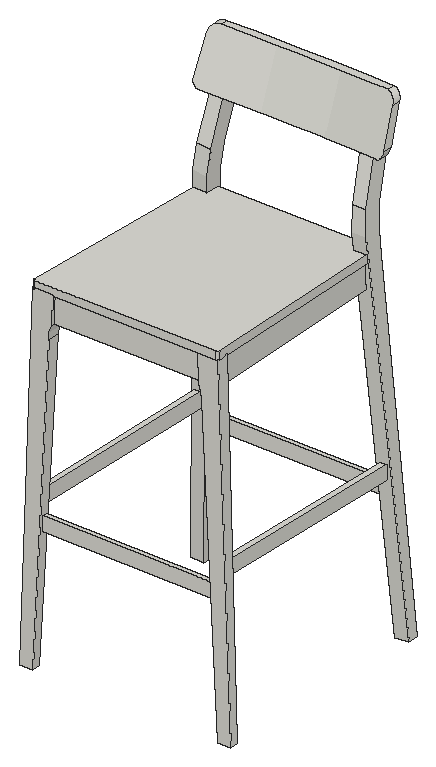
Revit family "FU_Stool_Sandler_Inga 3-2", category Furniture, Revit 2020
Family settings
  OmniClass Number = 23.40.20.00
  OmniClass Title = General Furniture and Specialties
  Work Plane-Based = No
  Always vertical = Yes
  Cut with Voids When Loaded = No
  Shared = No
  Room Calculation Point = No
Parameters (values of type "Inga 3.2")
  Width = 470 mm
  URL = "https://www.sandlerseating.com/product/inga-3-2/"
  Model = "Inga 3.2"
  Manufacturer = "Sandler"
  Height = 1065 mm
  Frame [instance] = Wood - Lacquer - Gray White RAL 9002
  Description = "Barstool with wooden seat and back on a solid beech frame."
  Depth = 515 mm
  Default Elevation = 0 mm
Reference planes
  plane 1 "Center (Front/Back)": y = 0
  plane 2: z = 0
  plane 3 "Center (Left/Right)": x = 0
  plane 4 "Right": x = -235
  plane 5 "Left": x = 235
  plane 6 "Back": y = 257.5
  plane 7 "Front": y = -257.5
  plane 8 "Height": z = 1065
  plane 9 "Seat height": z = 770
  plane 10 "BRL C Front": through (-223.656, -1524, 6.942) normal (-0.998, 0, 0.0629)
  plane 11 "Cross Stretch RIGHT": z = 319.276
Forms (mm)
  Extrusion 1, solid, material "Wood - Lacquer - Gray White RAL 9002" <- "Frame"
    sketch origin (-223.207, 0, 14.064) x (-0.062885, 0, -0.998021) y (0, -1, 0)
      loop
        line (14.088, -221.904) -> (-739.706, -170.353)
        arc (-739.706, -170.353) -> (-791.323, -166.38) -> (-842.719, -172.583) r 263.292
        arc (-842.719, -172.583) -> (-888.062, -184.609) -> (-932.278, -200.282) r 576.651
        line (-932.278, -200.282) -> (-1010.447, -234.651)
        arc (-1010.447, -234.651) -> (-1016.215, -251.155) -> (-999.349, -255.758) r 11.952
        arc (-999.349, -255.758) -> (-922.172, -228.309) -> (-842.736, -208.318) r 861.108
        arc (-842.736, -208.318) -> (-792.241, -202.51) -> (-741.487, -205.274) r 301.278
        line (-741.487, -205.274) -> (14.088, -243.812) -> (14.088, -221.904)
    from -14 to 16
  Extrusion 2, solid, material "Wood - Lacquer - Gray White RAL 9002" <- "Frame"
    sketch origin (0, -257.5, 0) x (-1, 0, 0) y (0, 0, 1)
      loop
        line (203.243, 755.337) -> (160.475, 755.337) -> (162.275, 692.965)
        arc (162.275, 692.965) -> (167.122, 678.906) -> (169.282, 664.193) r 79.948
        line (169.282, 664.193) -> (204.244, 0) -> (231.625, 0) -> (203.243, 755.337)
    from 0 to 26
  Extrusion 3, void
    sketch origin (0, 0, 0) x (0, 1, 0) y (0, 0, 1)
      loop
        line (-240.28, -7.462) -> (-228.255, -7.462) -> (-228.255, 770) -> (-231.331, 770) -> (-240.28, -7.462)
    from -235 to 235
  Extrusion 4, solid, material "Wood - Lacquer - Gray White RAL 9002" <- "Frame"
    sketch origin (0, -257.5, 0) x (1, 0, 0) y (0, 0, -1)
      loop
        line (203.243, -755.337) -> (231.625, 0) -> (204.244, 0) -> (169.282, -664.193)
        arc (169.282, -664.193) -> (167.122, -678.906) -> (162.275, -692.965) r 79.948
        line (162.275, -692.965) -> (160.475, -755.337) -> (203.243, -755.337)
    from 0 to 26
  Extrusion 5, solid, material "Wood - Lacquer - Gray White RAL 9002" <- "Frame"
    sketch origin (0, 0, 0) x (0, 1, 0) y (0, 0, 1)
      loop
        line (-251.611, 753.215) -> (-251.611, 695.417) -> (-237.611, 695.417) -> (-237.611, 753.215) -> (-251.611, 753.215)
      loop
        line (182.525, 753.215) -> (182.525, 695.417) -> (197.878, 695.417) -> (197.878, 753.215) -> (182.525, 753.215)
    from -172 to 172
  Extrusion 6, solid, material "Wood - Lacquer - Gray White RAL 9002" <- "Frame"
    sketch origin (0, 0, 770) x (-1, 0, 0) y (0, -1, 0)
      loop
        line (199.089, 233.696) -> (182.392, 233.696) -> (167.912, -178.326) -> (183.325, -178.326) -> (199.089, 233.696)
      loop
        line (-199.089, 233.696) -> (-183.325, -178.326) -> (-167.912, -178.326) -> (-182.392, 233.696) -> (-199.089, 233.696)
    from -73.647 to -16.784
  Sweep 7, solid, material "Wood - Lacquer - Gray White RAL 9002" <- "Frame"
    path origin (0, 15, 0) x (0, 1, 0) y (0, 0, 1)
      loop
        line (201.523, 926.004) -> (255.109, 1066.106)
    profile "Pro_Inga_Back : Pro_Inga_Back" origin (0, 243.316, 996.055) x (0, -0.934012, 0.357242) y (1, 0, 0)
      loop
        arc (30.116, 241.175) -> (0, -0.038) -> (30.717, -241.175) r 971.366
        line (30.717, -241.175) -> (45.91, -241.175)
        arc (45.91, -241.175) -> (14.46, 0.005) -> (45.984, 241.175) r 939.367
        line (45.984, 241.175) -> (30.116, 241.175)
  Extrusion 8, void
    sketch origin (0, 257.5, 0) x (-1, 0, 0) y (0, 0, 1)
      loop
        line (210.101, 969.86) -> (205.284, 1046.309)
        arc (205.284, 1046.309) -> (198.261, 1060.303) -> (183.308, 1064.949) r 20
        arc (183.308, 1064.949) -> (0, 1055.69) -> (-183.308, 1064.949) r 1819.098
        arc (-183.308, 1064.949) -> (-198.261, 1060.303) -> (-205.284, 1046.309) r 20
        line (-205.284, 1046.309) -> (-210.101, 969.86)
        arc (-210.101, 969.86) -> (-205.852, 957.072) -> (-193.916, 950.817) r 18
        arc (-193.916, 950.817) -> (0, 941.208) -> (193.916, 950.817) r 1961.668
        arc (193.916, 950.817) -> (205.852, 957.072) -> (210.101, 969.86) r 18
      loop
        line (252.572, 1093.889) -> (-257.428, 1093.889) -> (-257.428, 918.889) -> (252.572, 918.889) -> (252.572, 1093.889)
    from -91.038 to 16.635
  Extrusion 9, solid, material "Wood - Lacquer - Gray White RAL 9002" <- "Frame"
    sketch origin (223.207, 0, 14.064) x (0.062885, 0, -0.998021) y (0, 1, 0)
      loop
        line (14.088, 221.904) -> (14.088, 243.812) -> (-741.487, 205.274)
        arc (-741.487, 205.274) -> (-792.241, 202.51) -> (-842.736, 208.318) r 301.278
        arc (-842.736, 208.318) -> (-922.172, 228.309) -> (-999.349, 255.758) r 861.108
        arc (-999.349, 255.758) -> (-1016.215, 251.155) -> (-1010.447, 234.651) r 11.952
        line (-1010.447, 234.651) -> (-932.278, 200.282)
        arc (-932.278, 200.282) -> (-888.062, 184.609) -> (-842.719, 172.583) r 576.651
        arc (-842.719, 172.583) -> (-791.323, 166.38) -> (-739.706, 170.353) r 263.292
        line (-739.706, 170.353) -> (14.088, 221.904)
    from -14 to 16
  Extrusion 10, solid, material "Wood - Lacquer - Gray White RAL 9002" <- "Frame"
    sketch origin (0, 0, 0) x (0, 1, 0) y (0, 0, 1)
      loop
        line (-251.379, 308.04) -> (-251.379, 276.439) -> (-241.751, 276.439) -> (-241.751, 308.04) -> (-251.379, 308.04)
      loop
        line (212.749, 308.04) -> (212.749, 276.439) -> (223.249, 276.439) -> (223.249, 308.04) -> (212.749, 308.04)
    from -205.963 to 206
  Sweep 11, solid, material "Wood - Lacquer - Gray White RAL 9002" <- "Frame"
    path origin (0, 0, 319.276) x (0, -1, 0) y (1, 0, 0)
      loop
        line (241.267, -201.776) -> (-208.724, -204.634)
    profile origin (-203.205, -16.272, 319.276) x (-0.99998, -0.006352, 0) y (0, 0, 1)
      loop
        line (6, 0) -> (6, 32.028) -> (-6, 32.028) -> (-6, 0) -> (6, 0)
  Sweep 12, solid, material "Wood - Lacquer - Gray White RAL 9002" <- "Frame"
    path origin (0, 0, 319.276) x (0, -1, 0) y (-1, 0, 0)
      loop
        line (241.267, -201.776) -> (-208.724, -204.634)
    profile origin (203.205, -16.272, 319.276) x (-0.99998, 0.006352, 0) y (0, 0, 1)
      loop
        line (-6, 0) -> (6, 0) -> (6, 32.028) -> (-6, 32.028) -> (-6, 0)
  Extrusion 13, solid, material "Wood - Lacquer - Gray White RAL 9002" <- "Frame"
    sketch origin (0, 0, 770) x (-1, 0, 0) y (0, -1, 0)
      loop
        line (198.707, 257.5) -> (-198.707, 257.5)
        arc (-198.707, 257.5) -> (-202.298, 255.979) -> (-203.705, 252.341) r 5
        line (-203.705, 252.341) -> (-189.541, -193.835)
        arc (-189.541, -193.835) -> (-188.023, -197.268) -> (-184.544, -198.676) r 5
        line (-184.544, -198.676) -> (184.544, -198.676)
        arc (184.544, -198.676) -> (188.023, -197.268) -> (189.541, -193.835) r 5
        line (189.541, -193.835) -> (203.705, 252.341)
        arc (203.705, 252.341) -> (202.298, 255.979) -> (198.707, 257.5) r 5
    from 0 to -17
Cuts and joins
  Extrusion 3 cuts Extrusion 2
  Extrusion 3 cuts Extrusion 4
  Extrusion 8 cuts Sweep 7
Lines and regions (mm)
  reference lines
    curve 1: line (-207.78, -238.806, 319.276) -> (-195.802, -238.806, 319.276)
    curve 2: line (-210.705, 206.263, 319.276) -> (-198.532, 206.263, 319.276)
Dimensions and locks
  equal spacing: plane 4 "Right", plane 3 "Center (Left/Right)", plane 5 "Left"
  "Width": plane 4 "Right" to plane 5 "Left"
  equal spacing: plane 6 "Back", plane 1 "Center (Front/Back)", plane 7 "Front"
  "Depth": plane 6 "Back" to plane 7 "Front"
  "Height": plane 8 "Height" to level
  plane 9 "Seat height" to level = 770 mm
  aligned and locked: level to plane 2
Automatic sketch dimensions
  Extrusion 1 sketch curve to plane 6 "Back" = 22.849 mm
  Extrusion 1 sketch curve to Extrusion 1 sketch curve = 4.811 mm
  Extrusion 1 sketch curve to plane 6 "Back" = 57.218 mm
  Extrusion 1 sketch curve to Extrusion 1 sketch curve = 78.169 mm
  Extrusion 1 sketch curve to Extrusion 1 sketch curve = 146.651 mm
  Extrusion 1 sketch curve to Extrusion 1 sketch curve = 2.439 mm
  Extrusion 1 sketch curve to plane 6 "Back" = 52.226 mm
  Extrusion 1 sketch curve to Extrusion 1 sketch curve = 190.79 mm
  Extrusion 1 sketch curve to plane 6 "Back" = 87.147 mm
  Extrusion 1 sketch curve to Extrusion 1 sketch curve = 1.781 mm
  Extrusion 1 sketch curve to Extrusion 1 sketch curve = 65.51 mm
  Extrusion 1 sketch curve to Extrusion 1 sketch curve = 45.143 mm
  Extrusion 1 sketch curve to plane 6 "Back" = 13.688 mm
  Extrusion 1 sketch curve to Extrusion 1 sketch curve = 755.576 mm
  Extrusion 1 sketch curve to plane 6 "Back" = 11.907 mm
  plane 6 "Back" to Extrusion 1 sketch curve = 172.11 mm
  Extrusion 1 sketch curve to Extrusion 1 sketch curve = 74.042 mm
  Extrusion 1 sketch curve to Extrusion 1 sketch curve = 231.862 mm
  Extrusion 1 sketch curve to Extrusion 1 sketch curve = 316.924 mm
  Extrusion 1 sketch curve to Extrusion 1 sketch curve = 21.909 mm
  Extrusion 1 sketch curve to plane 6 "Back" = 1.742 mm
  Extrusion 2 sketch curve to level = 0 mm
  Extrusion 2 sketch curve to plane 3 "Center (Left/Right)" = 89.445 mm
  Extrusion 2 sketch curve to plane 9 "Seat height" = 14.663 mm
  Extrusion 2 sketch curve to plane 4 "Right" = 74.525 mm
  Extrusion 2 sketch curve to Extrusion 2 sketch curve = 1.801 mm
  Extrusion 2 sketch curve to Extrusion 2 sketch curve = 7.006 mm
  Extrusion 2 sketch curve to plane 4 "Right" = 31.757 mm
  Extrusion 2 sketch curve to plane 4 "Right" = 30.756 mm
  Extrusion 2 sketch curve to plane 4 "Right" = 3.375 mm
  Extrusion 2 sketch curve to plane 9 "Seat height" = 110.01 mm
  Extrusion 2 sketch curve to Extrusion 2 sketch curve = 4.203 mm
  Extrusion 3 sketch curve to plane 9 "Seat height" = 0 mm
  Extrusion 3 sketch curve to level = 7.462 mm
  plane 7 "Front" to Extrusion 3 sketch curve = 17.22 mm
  plane 7 "Front" to Extrusion 3 sketch curve = 26.169 mm
  Extrusion 3 sketch curve to Extrusion 3 sketch curve = 3.077 mm
  Extrusion 4 sketch curve to level = 0 mm
  Extrusion 4 sketch curve to plane 3 "Center (Left/Right)" = 89.445 mm
  plane 9 "Seat height" to Extrusion 4 sketch curve = 14.663 mm
  Extrusion 4 sketch curve to plane 5 "Left" = 74.525 mm
  Extrusion 4 sketch curve to Extrusion 4 sketch curve = 1.801 mm
  Extrusion 4 sketch curve to Extrusion 4 sketch curve = 7.006 mm
  Extrusion 4 sketch curve to plane 5 "Left" = 31.757 mm
  Extrusion 4 sketch curve to plane 5 "Left" = 30.756 mm
  Extrusion 4 sketch curve to plane 5 "Left" = 3.375 mm
  plane 9 "Seat height" to Extrusion 4 sketch curve = 110.01 mm
  Extrusion 4 sketch curve to Extrusion 4 sketch curve = 4.203 mm
  plane 7 "Front" to Extrusion 5 sketch curve = 5.889 mm
  Extrusion 5 sketch curve to Extrusion 5 sketch curve = 14 mm
  Extrusion 5 sketch curve to plane 9 "Seat height" = 16.785 mm  (x2)
  Extrusion 5 sketch curve to plane 6 "Back" = 74.975 mm
  Extrusion 5 sketch curve to Extrusion 5 sketch curve = 15.353 mm
  Extrusion 5 sketch curve to Extrusion 5 sketch curve = 57.798 mm
  Extrusion 5 sketch curve to plane 9 "Seat height" = 74.583 mm
  plane 5 "Left" to Extrusion 6 sketch curve = 35.911 mm
  plane 5 "Left" to Extrusion 6 sketch curve = 51.675 mm
  plane 7 "Front" to Extrusion 6 sketch curve = 23.804 mm  (x2)
  Extrusion 6 sketch curve to Extrusion 6 sketch curve = 16.697 mm  (x2)
  Extrusion 6 sketch curve to Extrusion 6 sketch curve = 15.414 mm  (x2)
  Extrusion 6 sketch curve to plane 4 "Right" = 67.088 mm
  Extrusion 6 sketch curve to plane 4 "Right" = 52.608 mm
  Extrusion 6 sketch curve to plane 6 "Back" = 79.174 mm  (x2)
  Sweep 7 sketch curve to plane 6 "Back" = 40.977 mm
  Sweep 7 sketch curve to plane 8 "Height" = 138.996 mm
  plane 8 "Height" to Sweep 7 sketch curve = 1.106 mm
  plane 6 "Back" to Sweep 7 sketch curve = 12.609 mm
  plane 3 "Center (Left/Right)" to Extrusion 8 sketch curve = 0 mm  (x2)
  Extrusion 8 sketch curve to plane 8 "Height" = 19.949 mm  (x2)
  plane 5 "Left" to Extrusion 8 sketch curve = 49.676 mm
  plane 5 "Left" to Extrusion 8 sketch curve = 42.863 mm
  Extrusion 8 sketch curve to Extrusion 8 sketch curve = 19.96 mm  (x2)
  Extrusion 8 sketch curve to Extrusion 8 sketch curve = 17.964 mm  (x2)
  Extrusion 8 sketch curve to plane 5 "Left" = 22.428 mm
  Extrusion 8 sketch curve to plane 4 "Right" = 49.676 mm
  Extrusion 8 sketch curve to plane 4 "Right" = 42.863 mm
  plane 4 "Right" to Extrusion 8 sketch curve = 17.572 mm
  Extrusion 8 sketch curve to Extrusion 8 sketch curve = 75.191 mm  (x2)
  Extrusion 8 sketch curve to Extrusion 8 sketch curve = 1.132 mm  (x2)
  Extrusion 8 sketch curve to Extrusion 8 sketch curve = 50.971 mm
  Extrusion 8 sketch curve to plane 8 "Height" = 18.691 mm  (x2)
  plane 8 "Height" to Extrusion 8 sketch curve = 28.889 mm
  Extrusion 8 sketch curve to Extrusion 8 sketch curve = 1780.898 mm
  Extrusion 8 sketch curve to Extrusion 8 sketch curve = 28.089 mm
  Extrusion 8 sketch curve to Extrusion 8 sketch curve = 0 mm  (x2)
  Extrusion 9 sketch curve to plane 6 "Back" = 22.849 mm
  Extrusion 9 sketch curve to Extrusion 9 sketch curve = 4.811 mm
  Extrusion 9 sketch curve to plane 6 "Back" = 57.218 mm
  Extrusion 9 sketch curve to Extrusion 9 sketch curve = 78.169 mm
  Extrusion 9 sketch curve to Extrusion 9 sketch curve = 146.651 mm
  Extrusion 9 sketch curve to Extrusion 9 sketch curve = 2.439 mm
  Extrusion 9 sketch curve to plane 6 "Back" = 52.226 mm
  Extrusion 9 sketch curve to Extrusion 9 sketch curve = 190.79 mm
  Extrusion 9 sketch curve to plane 6 "Back" = 87.147 mm
  Extrusion 9 sketch curve to Extrusion 9 sketch curve = 1.781 mm
  Extrusion 9 sketch curve to Extrusion 9 sketch curve = 65.51 mm
  Extrusion 9 sketch curve to Extrusion 9 sketch curve = 45.143 mm
  Extrusion 9 sketch curve to plane 6 "Back" = 13.688 mm
  Extrusion 9 sketch curve to Extrusion 9 sketch curve = 755.576 mm
  Extrusion 9 sketch curve to Extrusion 9 sketch curve = 21.909 mm
  Extrusion 9 sketch curve to plane 6 "Back" = 11.907 mm
  plane 6 "Back" to Extrusion 9 sketch curve = 172.11 mm
  Extrusion 9 sketch curve to Extrusion 9 sketch curve = 74.042 mm
  Extrusion 9 sketch curve to Extrusion 9 sketch curve = 231.862 mm
  Extrusion 9 sketch curve to Extrusion 9 sketch curve = 316.924 mm
  Extrusion 9 sketch curve to plane 6 "Back" = 1.742 mm
  plane 7 "Front" to Extrusion 10 sketch curve = 6.121 mm
  Extrusion 10 sketch curve to Extrusion 10 sketch curve = 9.627 mm
  Extrusion 10 sketch curve to plane 11 "Cross Stretch RIGHT" = 11.235 mm  (x2)
  Extrusion 10 sketch curve to plane 6 "Back" = 44.751 mm
  Extrusion 10 sketch curve to Extrusion 10 sketch curve = 10.5 mm
  Extrusion 10 sketch curve to Extrusion 10 sketch curve = 31.601 mm
  Extrusion 10 sketch curve to plane 11 "Cross Stretch RIGHT" = 42.837 mm
  curve 2 to plane 4 "Right" = 24.295 mm
  curve 2 to plane 6 "Back" = 51.237 mm
  plane 7 "Front" to curve 1 = 18.694 mm
  curve 1 to plane 4 "Right" = 27.22 mm
  curve 2 to curve 2 = 12.174 mm
  curve 1 to curve 1 = 11.978 mm
  Sweep 11 sketch curve to plane 6 "Back" = 48.776 mm
  Sweep 11 sketch curve to plane 4 "Right" = 30.366 mm
  plane 7 "Front" to Sweep 11 sketch curve = 16.233 mm
  Sweep 11 sketch curve to plane 4 "Right" = 33.224 mm
  plane 11 "Cross Stretch RIGHT" to Sweep 11 sketch curve = 0 mm
  profile plane to Sweep 11 sketch curve = 6 mm
  Sweep 11 sketch curve to profile plane = 6 mm
  plane 11 "Cross Stretch RIGHT" to Sweep 11 sketch curve = 32.028 mm
  plane 6 "Back" to Sweep 12 sketch curve = 48.776 mm
  Sweep 12 sketch curve to plane 5 "Left" = 30.366 mm
  Sweep 12 sketch curve to plane 7 "Front" = 16.233 mm
  Sweep 12 sketch curve to plane 5 "Left" = 33.224 mm
  plane 11 "Cross Stretch RIGHT" to Sweep 12 sketch curve = 0 mm
  profile plane to Sweep 12 sketch curve = 6 mm
  Sweep 12 sketch curve to profile plane = 6 mm
  plane 11 "Cross Stretch RIGHT" to Sweep 12 sketch curve = 32.028 mm
  Extrusion 13 sketch curve to plane 7 "Front" = 0 mm
  plane 7 "Front" to Extrusion 13 sketch curve = 5.159 mm  (x2)
  plane 5 "Left" to Extrusion 13 sketch curve = 31.295 mm
  Extrusion 13 sketch curve to Extrusion 13 sketch curve = 4.997 mm  (x4)
  plane 5 "Left" to Extrusion 13 sketch curve = 45.459 mm
  Extrusion 13 sketch curve to plane 4 "Right" = 50.456 mm
  Extrusion 13 sketch curve to plane 4 "Right" = 36.293 mm
  Extrusion 13 sketch curve to plane 6 "Back" = 63.824 mm
  Extrusion 13 sketch curve to plane 1 "Center (Front/Back)" = 193.676 mm
  Extrusion 13 sketch curve to Extrusion 13 sketch curve = 0.159 mm
